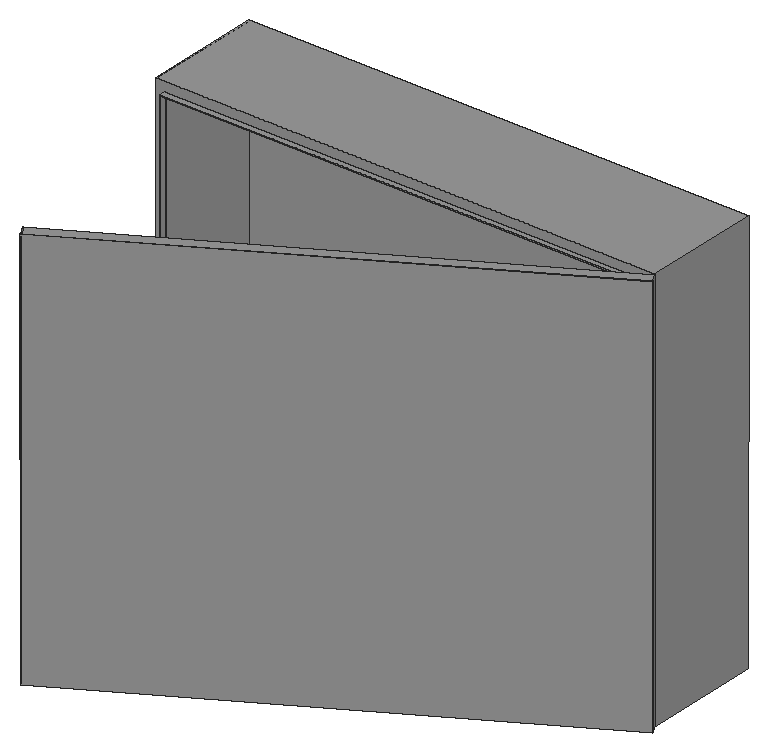
Revit family "Hager-Univers-IP44-D205-H650-Cl.II-Encl-NoHosted-PL-pl", category Electrical Equipment, Revit 2020
Family settings
  Panel Configuration = Two Columns, Circuits Across
  Round Connector Dimension = Use Diameter
  Part Type = Panelboard
  Work Plane-Based = Yes
  Always vertical = Yes
  Cut with Voids When Loaded = No
  Shared = No
  Room Calculation Point = No
Parameters (values of type "Montaż natynkowy IP44 S800 W650 G205  - FP43SN2")
  Width Control [instance] = if([EF000008 - Szerokość] > Min Width, [EF000008 - Szerokość], Min Width)  # 800 mm
  Type Comments = [HG000003 - Zakres]  # "Univers"
  Thickness Door [instance] = if([EF009171 - Drzwi/pokrywa z materiału o wysokiej wytrzymałości mechanicznej] > 3 mm, 3 mm, [EF009171 - Drzwi/pokrywa z materiału o wysokiej wytrzymałości mechanicznej])  # 1 mm
  Seal Frame Offset [instance] = 17 mm  # constant formula
  Plinth Visibility [instance] = [HG000027 - Wysokość cokołu] > 0 mm  # no
  Min Width [instance] = 100 mm  # constant formula
  Min Depth [instance] = (2 * [EF009170 - Obudowa z materiału o wysokiej wytrzymałości mechanicznej]) + 1 mm  # 3 mm
  Min Height [instance] = 100 mm  # constant formula
  Internal Frame Depth [instance] = (Door System Depth * 0.5)  # 9 mm
  Panel Name [instance] = ""  # (empty or 0)
  Model = ""
  HG000027 - Wysokość cokołu = 0 mm
  HG000026 - Stojąca = no
  HG000024 - Wysokość części dolnej = 600 mm
  HG000023 - Obudowa dwusekcyjna = no
  HG000016 - Widoczność drzwi w widoku 3D [instance] = yes
  HG000015 - Przestrzeń robocza - otwarcie drzwi [instance] = no
  HG000014 - Drzwi prawe [instance] = yes
  HG000013 - Drzwi lewe [instance] = not([HG000014 - Drzwi prawe])  # no
  HG000012 - Kąt otwarcia drzwi [instance] = 30.00°
  HG000010 - Drzwi asymetryczne = no
  HG000009 - Drzwi dwuskrzydłowe = no
  HG000006 - Montaż podtynkowy = no
  HG000004 - Referencja producenta = "FP43SN2"
  HG000003 - Zakres = "Univers"
  HG000002 - Z drzwiami lub pokrywą = yes
  Frame Offset Bottom [instance] = 10 mm  # constant formula
  Frame Offset [instance] = 15 mm  # constant formula
  EF015940 - Pokrywa z wyzwalaczem nadciśnieniowym = no
  EF011959 - Stopień ochrony (NEMA) = ""
  EF009554 - Liczba otworów pod flansze = 6
  EF009212 - Wykonanie pokrywy = "EV000116 - Zamknięty"
  EF009171 - Drzwi/pokrywa z materiału o wysokiej wytrzymałości mechanicznej = 1 mm
  EF009170 - Obudowa z materiału o wysokiej wytrzymałości mechanicznej = 1 mm
  EF008873 - Prąd znamionowy (In) = 250 A
  EF007800 - Do ochrony odgromowej = no
  EF006306 - Z zamkiem = no
  EF006244 - Transparentna pokrywa/drzwi = no
  EF005474 - Stopień ochrony (IP) = "EV006418 - IP44"
  EF004464 - Rodzaj drzwi = "EV002646 - Pojedynczy"
  EF004427 - Liczba modułów = 144
  EF004293 - Odporność udarowa = "EV006815 - IK09"
  EF003532 - Do zastosowań zewnętrznych = no
  EF002950 - Szerokość wyrażona liczbą modułów = 36
  EF001613 - Podtrzymanie funkcji = "EV000494 - Brak"
  EF001596 - Materiał obudowy = "EV000179 - Stal"
  EF001131 - Głębokość wewnętrzna = 143 mm
  EF001088 - Możliwość rozbudowy = yes
  EF000437 - Liczba wejść kablowych = 6
  EF000339 - Rodzaj pokrywy = "EV001012 - Pokrywa"
  EF000266 - Liczba rzędów = 4
  EF000218 - Głębokość wbudowania = 205 mm
  EF000118 - Z płytą montażową = no
  EF000116 - Numer RAL = "9010"
  EF000049 - Głębokość = 205 mm
  EF000040 - Wysokość = 650 mm
  EF000008 - Szerokość = 800 mm
  EF000007 - Kolor = "EV000202 - Biały"
  EF000003 - Sposób montażu = "EV000384 - Montaż natynkowy"
  Door System Leaf Tolerance [instance] = 1.5 mm  # constant formula
  Door System Depth [instance] = 18 mm  # constant formula
  Door Height [instance] = Height Control - [HG000027 - Wysokość cokołu]  # 650 mm
  Description = ""
  Default Elevation = 1219.2 mm
  Connector Offset [instance] = Height Control / 2  # 325 mm
  Manufacturer = "Hager"  # constant formula
  Height Control [instance] = if([EF000040 - Wysokość] > Min Height, [EF000040 - Wysokość], Min Height)  # 650 mm
  Depth Control [instance] = if([EF000049 - Głębokość] > Min Depth, [EF000049 - Głębokość], Min Depth)  # 205 mm
  Bottom Top Plate Trim [instance] = 1.5 mm  # constant formula
  Plinth height Ctrl [instance] = if([HG000027 - Wysokość cokołu] > 0 mm, [HG000027 - Wysokość cokołu], 12 mm)  # 12 mm
Types (5, lengths in mm): name | Width Control | HG000010 - Drzwi asymetryczne | HG000009 - Drzwi dwuskrzydłowe | HG000004 - Referencja producenta | EF009554 - Liczba otworów pod flansze | EF004464 - Rodzaj drzwi | EF004427 - Liczba modułów | EF002950 - Szerokość wyrażona liczbą modułów | EF000437 - Liczba wejść kablowych | EF000008 - Szerokość
  Montaż natynkowy IP44 S1050 W650 G205  - FP44SN2 | 1050 | no | yes | "FP44SN2" | 8 | "EV003602 - Podwójny" | 192 | 48 | 8 | 1050
  Montaż natynkowy IP44 S1300 W650 G205  - FP45SN2 | 1300 | yes | yes | "FP45SN2" | 10 | "EV003602 - Podwójny" | 240 | 60 | 10 | 1300
  Montaż natynkowy IP44 S300 W650 G205  - FP41SN2 | 300 | no | no | "FP41SN2" | 2 | "EV002646 - Pojedynczy" | 48 | 12 | 2 | 300
  Montaż natynkowy IP44 S550 W650 G205  - FP42SN2 | 550 | no | no | "FP42SN2" | 4 | "EV002646 - Pojedynczy" | 96 | 24 | 4 | 550
  Montaż natynkowy IP44 S800 W650 G205  - FP43SN2 | 800 | no | no | "FP43SN2" | 6 | "EV002646 - Pojedynczy" | 144 | 36 | 6 | 800
Reference planes
  plane 1 "Center (Front/Back)": y = 0
  plane 2: z = 0
  plane 3 "Center (Left/Right)": x = 0
  plane 4: y = 0
  plane 5: y = 0
  plane 6: z = 0
  plane 7: x = -400
  plane 8: x = 400
  plane 9: x = 399
  plane 10: x = -399
  plane 11: z = 0
  plane 12: z = 1
  plane 13: y = -205
  plane 14: y = -1
  plane 15: x = 0
  plane 16: y = -187
  plane 17: y = -204
  plane 18: y = -186
  plane 19: x = -384
  plane 20: x = 384
  plane 21: z = 11
  plane 22: x = -383
  plane 23: x = 383
  plane 24: z = 0
  plane 25: z = 650
  plane 26: z = 650
  plane 27: z = 634
  plane 28: z = 649
Forms (mm)
  Extrusion 1, solid, material "Hager_Steel_RAL7035_Light_Grey", detail levels medium+fine
    sketch origin (-208.679, -4572, 0) x (-1, 0, 0) y (0, -1, 0)
      loop
        line (191.321, -4385) -> (-608.679, -4385) -> (-608.679, -4572) -> (191.321, -4572) -> (191.321, -4385)
    from 0 to 650
  Extrusion 2, void
    sketch origin (-350.771, -205, 1219.2) x (1, 0, 0) y (0, 0, 1)
      loop
        line (-48.229, -570.2) -> (-48.229, -1218.2) -> (749.771, -1218.2) -> (749.771, -570.2) -> (-48.229, -570.2)
    from -19 to -204
  Extrusion 3, void
    sketch origin (-290.084, -187, 1219.2) x (1, 0, 0) y (0, 0, 1)
      loop
        line (-93.916, -1208.2) -> (674.084, -1208.2) -> (674.084, -585.2) -> (-93.916, -585.2) -> (-93.916, -1208.2)
    from 0 to -1
  Extrusion 4, solid, material "Hager_Steel_RAL7035_Light_Grey", visible <- "Plinth Visibility", detail levels medium+fine
    sketch origin (0, 0, 0) x (1, 0, 0) y (0, 1, 0)
      loop
        line (-400, 0) -> (-400, -187) -> (400, -187) -> (400, 0) -> (-400, 0)
    from 0 to 12 <- "Plinth height Ctrl"
  Extrusion 5, solid, material "Hager_Steel_RAL7035_Light_Grey", detail levels coarse
    sketch origin (0, 0, 0) x (1, 0, 0) y (0, 1, 0)
      loop
        line (-400, 0) -> (-400, -205) -> (400, -205) -> (400, 0) -> (-400, 0)
    from 0 to 650 <- "Height Control"
  Sweep 6, void
    path in 3D
      loop
        line (-400, -187, 12) -> (400, -187, 12) -> (400, 0, 12) -> (-400, 0, 12) -> (-400, -187, 12)
    profile origin (-400, -93.5, 12) x (1, 0, 0) y (0, 0, 1)
      loop
        line (0, 0) -> (0, -1.5) -> (1.5, -1.5)
        arc (1.5, -1.5) -> (1.061, -0.439) -> (0, 0) r 1.5
  Extrusion 7, solid, material "Hager_Steel_RAL7035_Light_Grey", detail levels fine
    sketch origin (-400, -187, 0) x (1, 0, 0) y (0, 0, 1)
      loop
        line (16, 11) -> (784, 11) -> (784, 634) -> (16, 634) -> (16, 11)
      loop
        line (15, 10) -> (785, 10) -> (785, 635) -> (15, 635) -> (15, 10)
    from 0 to 9 <- "Internal Frame Depth"
Cuts and joins
  Extrusion 2, Extrusion 3 cuts Extrusion 1
  Sweep 6 cuts Extrusion 4
Lines and regions (mm)
  Masking region 1
    outline origin (0, 0, 0) x (1, 0, 0) y (0, 1, 0)
      loop
        line (-400, 0) -> (-400, -205) -> (400, -205) -> (400, 0) -> (-400, 0)
  Masking region 2, detail levels coarse
    outline origin (-290.084, -187, 1219.2) x (-1, 0, 0) y (0, 0, 1)
      loop
        line (-690.084, -1219.2) -> (109.916, -1219.2) -> (109.916, -569.2) -> (-690.084, -569.2) -> (-690.084, -1219.2)
  Masking region 3, detail levels coarse
    outline origin (0, 0, 0) x (0, 1, 0) y (0, 0, 1)
      loop
        line (0, 0) -> (0, 650) -> (-205, 650) -> (-205, 0) -> (0, 0)
  Masking region 4, visible <- "Plinth Visibility", detail levels medium+fine
    outline origin (0, 0, 0) x (0, 1, 0) y (0, 0, 1)
      loop
        line (-1.5, 12) -> (-185.5, 12)
        arc (-185.5, 12) -> (-185.939, 10.939) -> (-187, 10.5) r 1.5
        line (-187, 10.5) -> (-187, 0) -> (0, 0) -> (0, 10.5)
        arc (0, 10.5) -> (-1.061, 10.939) -> (-1.5, 12) r 1.5
  Masking region 5, detail levels medium+fine
    outline origin (0, 0, 594.038) x (0, 1, 0) y (0, 0, 1)
      loop
        line (0, -594.038) -> (0, 55.962) -> (-187, 55.962) -> (-187, -594.038) -> (0, -594.038)
  Masking region 6, detail levels medium+fine
    outline origin (-359.7, -187, 1211.883) x (-1, 0, 0) y (0, 0, 1)
      loop
        line (-759.7, -1211.883) -> (40.3, -1211.883) -> (40.3, -561.883) -> (-759.7, -561.883) -> (-759.7, -1211.883)
  Masking region 7, visible <- "Plinth Visibility", detail levels medium+fine
    outline origin (-320.334, -187, 1041.368) x (-1, 0, 0) y (0, 0, 1)
      loop
        line (-720.334, -1041.368) -> (79.666, -1041.368) -> (79.666, -1030.868)
        arc (79.666, -1030.868) -> (78.606, -1030.429) -> (78.166, -1029.368) r 1.5
        line (78.166, -1029.368) -> (-718.834, -1029.368)
        arc (-718.834, -1029.368) -> (-719.273, -1030.429) -> (-720.334, -1030.868) r 1.5
        line (-720.334, -1030.868) -> (-720.334, -1041.368)
  sketch lines
    curve 1: line (-400, 0, 12) -> (-400, -187, 12)
    curve 2: line (-400, -187, 12) -> (400, -187, 12)
    curve 3: line (400, 0, 12) -> (-400, 0, 12)
    curve 4: line (400, -187, 12) -> (400, 0, 12)
Dimensions and locks
  locked: plane 1 "Center (Front/Back)" to plane 5
  "EF009170 - Obudowa z materiału o wysokiej wytrzymałości mechanicznej": plane 7 to plane 10
  "EF009170 - Obudowa z materiału o wysokiej wytrzymałości mechanicznej": plane 8 to plane 9
  equal spacing: plane 7, plane 3 "Center (Left/Right)", plane 8
  "Width Control": plane 7 to plane 8
  "Depth Control": plane 4 to plane 13
  "EF009170 - Obudowa z materiału o wysokiej wytrzymałości mechanicznej": plane 4 to plane 14
  "Height Control": plane 25 to level
  "HG000027 - Wysokość cokołu": plane 11 to level
  "EF009170 - Obudowa z materiału o wysokiej wytrzymałości mechanicznej": plane 12 to plane 11
  "EF009170 - Obudowa z materiału o wysokiej wytrzymałości mechanicznej": plane 17 to plane 13
  "EF009170 - Obudowa z materiału o wysokiej wytrzymałości mechanicznej": plane 18 to plane 16
  "Frame Offset Bottom": plane 21 to plane 12
  "Frame Offset": plane 10 to plane 19
  "Frame Offset": plane 9 to plane 20
  "Door System Depth": plane 16 to plane 13
  "Seal Frame Offset": plane 7 to plane 22
  "Seal Frame Offset": plane 8 to plane 23
  "EF009170 - Obudowa z materiału o wysokiej wytrzymałości mechanicznej": plane 26 to plane 28
  "Frame Offset": plane 28 to plane 27
  "Connector Offset": plane 2 to connector elem
  "Bottom Top Plate Trim": profile plane to Sweep 6 sketch curve
  "Bottom Top Plate Trim": Sweep 6 sketch curve to Sweep 6 sketch curve
  "Plinth height Ctrl": Masking region 4 sketch curve to level
  "Plinth height Ctrl": Masking region 7 sketch curve to level
  "Thickness Door": Extrusion 7 sketch curve to Extrusion 7 sketch curve  (x4)
  "Bottom Top Plate Trim": radius of Sweep 6 sketch curve
  "Bottom Top Plate Trim": radius of Masking region 4 sketch curve  (x2)
  "Bottom Top Plate Trim": radius of Masking region 7 sketch curve  (x2)
  aligned and locked: Extrusion 2 sketch curve to plane 12
  aligned and locked: Extrusion 2 sketch curve to plane 9
  aligned and locked: Extrusion 2 sketch curve to plane 10
  aligned and locked: Extrusion 2 to plane 14
  aligned and locked: Extrusion 1 sketch curve to plane 4
  aligned and locked: plane 8 to Extrusion 1 sketch curve
  aligned and locked: plane 7 to Extrusion 1 sketch curve
  aligned and locked: Extrusion 2 to plane 18
  aligned and locked: Extrusion 3 sketch curve to plane 19
  aligned and locked: plane 20 to Extrusion 3 sketch curve
  aligned and locked: Extrusion 3 to Extrusion 2
  aligned and locked: Extrusion 3 sketch curve to plane 21
  aligned and locked: plane 3 "Center (Left/Right)" to nested 1
  aligned and locked: Extrusion 1 sketch curve to plane 16
  aligned and locked: Extrusion 4 sketch curve to cut or joined group of Extrusion 1, Extrusion 2, Extrusion 3
  aligned and locked: Masking region 1 sketch curve to plane 7
  aligned and locked: Masking region 1 sketch curve to plane 5
  aligned and locked: Masking region 1 sketch curve to plane 8
  aligned and locked: Masking region 2 sketch curve to level
  aligned and locked: level to Masking region 3 sketch curve
  aligned and locked: plane 1 "Center (Front/Back)" to Masking region 3 sketch curve
  aligned and locked: plane 13 to Masking region 3 sketch curve
  aligned and locked: plane 5 to Masking region 4 sketch curve
  aligned and locked: Masking region 2 sketch curve to plane 8
  aligned and locked: Masking region 2 sketch curve to plane 7
  aligned and locked: plane 7 to nested 2
  aligned and locked: nested 2 to plane 5
  aligned and locked: plane 5 to Masking region 5 sketch curve
  aligned and locked: plane 26 to Masking region 5 sketch curve
  aligned and locked: Extrusion 5 sketch curve to plane 8
  aligned and locked: Extrusion 5 sketch curve to plane 7
  aligned and locked: Extrusion 5 sketch curve to plane 5
  aligned and locked: Extrusion 3 sketch curve to plane 27
  aligned and locked: Extrusion 2 sketch curve to plane 28
  aligned and locked: Masking region 2 to plane 25
  aligned and locked: Extrusion 4 to plane 16
  aligned and locked: profile plane to Sweep 6 sketch curve
  aligned and locked: Masking region 5 sketch curve to plane 24
  aligned and locked: level to Masking region 4 sketch curve
  aligned and locked: Masking region 1 to plane 13
  aligned and locked: nested 1 to plane 16
  aligned and locked: Masking region 3 to plane 25
  aligned and locked: plane 16 to Masking region 4 sketch curve
  aligned and locked: Masking region 5 sketch curve to plane 16
  aligned and locked: plane 24 to plane 11
  aligned and locked: plane 26 to plane 25
  aligned and locked: plane 26 to cut or joined group of Extrusion 1, Extrusion 2, Extrusion 3
  aligned and locked: nested 1 to plane 24
  aligned and locked: Extrusion 1 to Extrusion 3
  aligned and locked: Masking region 6 sketch curve to plane 8
  aligned and locked: Masking region 6 sketch curve to plane 24
  aligned and locked: Masking region 6 sketch curve to plane 7
  aligned and locked: Masking region 6 sketch curve to plane 26
  aligned and locked: Masking region 7 sketch curve to plane 7
  aligned and locked: level to Masking region 7 sketch curve
  aligned and locked: Masking region 7 sketch curve to plane 8
  aligned and locked: Extrusion 7 sketch curve to cut or joined group of Extrusion 1, Extrusion 2, Extrusion 3  (x4)
Automatic sketch dimensions
  plane 19 to Extrusion 3 sketch curve = 0 mm
  Extrusion 3 sketch curve to plane 20 = 0 mm
  Extrusion 3 sketch curve to plane 21 = 0 mm
  Extrusion 4 sketch curve to plane 7 = 0 mm
  Extrusion 4 sketch curve to plane 8 = 0 mm
  Extrusion 4 sketch curve to plane 16 = 0 mm
  Masking region 1 sketch curve to plane 13 = 0 mm
  Masking region 2 sketch curve to plane 25 = 0 mm
  Masking region 3 sketch curve to plane 25 = 0 mm
  Extrusion 5 sketch curve to plane 13 = 0 mm
  profile plane to Sweep 6 sketch curve = 0 mm
Nested families
  nested 1: "EC000058_Univers_Door" at (0, -187, 0), Double <- "HG000009 - Drzwi dwuskrzydłowe", Transparent <- "EF006244 - Transparentna pokrywa/drzwi", Angle <- "HG000012 - Kąt otwarcia drzwi", Door_Right <- "HG000014 - Drzwi prawe", Assymetrical <- "HG000010 - Drzwi asymetryczne", Door <- "HG000002 - Z drzwiami lub pokrywą", Width_Ctrl <- "Width Control", 3d_Door <- "HG000016 - Widoczność drzwi w widoku 3D", Clearance <- "HG000015 - Przestrzeń robocza - otwarcie drzwi", Door_Left <- "HG000013 - Drzwi lewe", Width <- "Width Control", Door_Depth <- "Door System Depth", Leaf_Tolerance <- "Door System Leaf Tolerance", Height <- "Door Height", Lock_Visibility <- "EF006306 - Z zamkiem", Thickness <- "Thickness Door", type "EC000058_Univers_Door", detail levels medium+fine
    with min_wh 3 mm, Width_Ctrl 800 mm, Width 800 mm, Transparent no, Thickness 1 mm, Seal_Material Hager_Rubber, Lock_Visibility no, Lock_Material Hager_Plastic_RAL9005_Jet_Black, Leaf_Width 800 mm, Leaf_Tolerance_External_Sides 0 mm, Leaf_Tolerance 1.5 mm, Leaf_Offset 0 mm, Leaf_Height 647 mm, Leaf_2_Width 800 mm, Leaf_2_Offset 400 mm, Leaf_1_Width 800 mm, Leaf_1_Offset 400 mm, Height_Ctrl 650 mm, Height 650 mm, Glass_Material Hager_Glass, Double_Clearance_Ctrl no, Double no, Door_Right_Ctrl yes, Door_Right yes, Door_Material Hager_Steel_RAL7035_Light_Grey, Door_Left_Ctrl no, Door_Left no, Door_Depth 18 mm, Door yes, Clearance_Material Hager_Clearance, Clearance_Depth 800 mm, Clearance_Ctrl no, Clearance no, Assymetrical no, Angle 30.00°, 3d_Door yes
  nested 2: "Hager_Enclosure_Symbol" at (-400, 0, 0), Height <- "Depth Control", Width <- "Width Control", type "Hager_Enclosure_Symbol"
    with Width_Ctrl 800 mm, Width 800 mm, Height_Ctrl 205 mm, Height 205 mm, A_Width_Int 13.453 mm, A_Width 161.438 mm, A_Height_Ctrl 179.375 mm, A_Height 179.375 mm
Connectors
  electrical at (0, 0, 325)
    settings: on plane 1 "Center (Front/Back)", index 1, voltage 0 V, apparent load 0 VA, apparent load phase1 0 VA, apparent load phase2 0 VA, apparent load phase3 0 VA, power factor 1, load classification "Other", number of poles 1, system type 30, power factor state 1, is connector primary yes, connector utility no, sub classification motor no, connector description ""
Definition of nested family "EC000058_Univers_Door"
  Parameters (values of type "EC000058_Univers_Door")
    min_wh [instance] = (2 * Thickness) + 1 mm  # 11 mm
    Width_Ctrl [instance] = 400 mm
    Width [instance] = 500 mm
    Transparent [instance] = yes
    Thickness [instance] = 5 mm
    Seal_Material [instance] = none
    Lock_Visibility [instance] = yes
    Lock_Material [instance] = none
    Leaf_Width [instance] = if((Width_Ctrl - 2 * Leaf_Tolerance_External_Sides) > 0 mm, (Width_Ctrl - 2 * Leaf_Tolerance_External_Sides), min_wh)  # 400 mm
    Leaf_Tolerance_External_Sides [instance] = 0 mm  # constant formula
    Leaf_Tolerance [instance] = 1.5 mm
    Leaf_Offset [instance] = 0 mm  # constant formula
    Leaf_Height [instance] = if((Height_Ctrl - 2 * Leaf_Tolerance) > 0 mm, (Height_Ctrl - 2 * Leaf_Tolerance), min_wh)  # 497 mm
    Leaf_2_Width [instance] = if(and(and(Double, Assymetrical), Door_Left), (Leaf_Width / 3) - (Leaf_Tolerance / 2), if(and(and(Double, Assymetrical), Door_Right), (Leaf_Width / 3) * 2 - (Leaf_Tolerance / 2), if(and(Double, not(Assymetrical)), (Leaf_Width / 2) - Leaf_Tolerance, Leaf_Width)))  # 400 mm
    Leaf_2_Offset [instance] = if(and(Double, Assymetrical), Leaf_2_Width / 2, if(and(Double, not(Assymetrical)), Leaf_Width / 4, Leaf_Width / 2))  # 200 mm
    Leaf_1_Width [instance] = if(and(and(Double, Assymetrical), Door_Right), (Leaf_Width / 3) - (Leaf_Tolerance / 2), if(and(and(Double, Assymetrical), Door_Left), (Width / 3) * 2 - (Leaf_Tolerance / 2), if(and(Double, not(Assymetrical)), (Leaf_Width / 2) - Leaf_Tolerance, Leaf_Width)))  # 400 mm
    Leaf_1_Offset [instance] = if(and(Double, Assymetrical), Leaf_1_Width / 2, if(and(Double, not(Assymetrical)), Leaf_Width / 4, Leaf_Width / 2))  # 200 mm
    Height_Ctrl [instance] = if(Height > min_wh, Height, min_wh)  # 500 mm
    Height [instance] = 500 mm
    Glass_Material [instance] = none
    Double_Clearance_Ctrl [instance] = and(Double, Clearance)  # no
    Double [instance] = no
    Door_Right_Ctrl [instance] = and(or(Door_Right, Double), Door)  # yes
    Door_Right [instance] = yes
    Door_Material [instance] = none
    Door_Left_Ctrl [instance] = and(or(Door_Left, Double), Door)  # no
    Door_Left [instance] = no
    Door_Depth [instance] = 30 mm
    Door [instance] = yes
    Default Elevation = 1219.2 mm
    Clearance_Material [instance] = none
    Clearance_Depth [instance] = if(Leaf_1_Width > Leaf_2_Width, Leaf_1_Width, Leaf_2_Width)  # 400 mm
    Clearance_Ctrl [instance] = and(not(Double), Clearance)  # yes
    Clearance [instance] = yes
    Assymetrical [instance] = yes
    Angle [instance] = 30.00°
    3d_Door [instance] = yes
  Reference planes
    plane 1 "Center (Front/Back)": y = 0
    plane 2 "Bottom": z = 0
    plane 3 "Center (Left/Right)": x = 0
    plane 4: z = 500
    plane 5: x = -200
    plane 6: x = 200
    plane 7: z = 500
    plane 8: x = -200
    plane 9: z = 0
    plane 10: x = 200
    plane 11: y = 0
    plane 12: z = 1.5
    plane 13: x = -600
    plane 14: y = -400
    plane 15: x = 600
    plane 16: x = 0
    plane 17: x = 0
    plane 18: x = -200
    plane 19: x = 200
    plane 20: z = 498.5
  Forms (mm)
    Extrusion 1, solid, material <- "Clearance_Material", visible <- "Double_Clearance_Ctrl"
      sketch origin (1200, 0, 0) x (1, 0, 0) y (0, 0, -1)
        loop
          line (-1800, -498.5) -> (-600, -498.5) -> (-600, 0) -> (-1800, 0) -> (-1800, -498.5)
      from 0 to -400
  Dimensions and locks
    equal spacing: plane 5, plane 3 "Center (Left/Right)", plane 6
    "Width_Ctrl": plane 5 to plane 6
    "Leaf_Offset": plane 5 to plane 8
    "Leaf_Offset": plane 6 to plane 10
    "Leaf_Offset": plane 9 to level
    "Leaf_Offset": plane 4 to plane 7
    "Height_Ctrl": plane 4 to level
    "Leaf_Tolerance": plane 12 to plane 9
    locked: plane 11 to plane 1 "Center (Front/Back)"
    "Leaf_1_Offset": plane 18 to plane 16
    "Leaf_2_Offset": plane 17 to plane 19
    "Leaf_1_Width": plane 13 to plane 8
    "Leaf_2_Width": plane 10 to plane 15
    "Clearance_Depth": plane 14 to plane 1 "Center (Front/Back)"
    "Leaf_Tolerance_External_Sides": plane 8 to plane 18
    "Leaf_Tolerance_External_Sides": plane 19 to plane 10
    "Leaf_Tolerance": plane 7 to plane 20
    aligned and locked: level to plane 2 "Bottom"
    aligned and locked: nested 1 to plane 16
    aligned and locked: nested 2 to plane 17
    aligned and locked: Extrusion 1 to plane 13
    aligned and locked: plane 15 to Extrusion 1
    aligned and locked: Extrusion 1 to plane 14
    aligned and locked: plane 12 to nested 1
    aligned and locked: nested 2 to plane 12
    aligned and locked: Extrusion 1 to plane 11
    aligned and locked: plane 20 to Extrusion 1
    aligned and locked: nested 2 to plane 11
    aligned and locked: nested 1 to plane 11
  Automatic sketch dimensions
    Extrusion 1 sketch curve to level = 0 mm
    plane 5 to Extrusion 1 sketch curve = 400 mm
    plane 6 to Extrusion 1 sketch curve = 400 mm
    Extrusion 1 sketch curve to plane 4 = 1.5 mm
  Nested families
    nested 1: "EC000058_Univers_Door_Leaf" at (0, 0, 1.5), Width <- "Leaf_1_Width", visible <- "Door_Left_Ctrl", Leaf_Height <- "Leaf_Height", Angle <- "Angle", 3d_Door <- "3d_Door", Transparent <- "Transparent", Clearance Material <- "Clearance_Material", Clearance <- "Clearance_Ctrl", Door_Material <- "Door_Material", Glass_Material <- "Glass_Material", Door_Depth <- "Door_Depth", Lock_Material <- "Lock_Material", Seal_Material <- "Seal_Material", Lock_Visibility <- "Lock_Visibility", Thickness <- "Thickness", type "EC000058_Univers_Door_Leaf"
      with Width 400 mm, Transparent_Glass_Offset 30 mm, Transparent_Ctrl yes, Transparent yes, Thickness 5 mm, Standard no, Seal_Material none, Seal_D2 8 mm, Seal_D1 1 mm, Offset_Internal_Frame 10 mm, Lock_Width 20 mm, Lock_Visibility_3d yes, Lock_Visibility yes, Lock_Thickness_3 3 mm, Lock_Thickness_2 1 mm, Lock_Thickness_1 3 mm, Lock_Radius_Offset_2 16 mm, Lock_Radius_Offset_1 15 mm, Lock_Radius_2 5 mm, Lock_Radius 6 mm, Lock_Offset 5 mm, Lock_Material none, Lock_Height 80 mm, Lock_Cover_Top_Offset_2d 17 mm, Lock_Cover_Height -65 mm, Leaf_Height 497 mm, Internal_Seal_Thickness 8 mm, Internal_Seal_Depth_2 4.5 mm, Internal_Frame_Depth 25 mm, Glass_Thickness -1 mm, Glass_Offset -2 mm, Glass_Material none, Door_Material none, Door_Depth 30 mm, Clearance Material none, Clearance yes, Angle_Ctrl 30.00°, Angle 30.00°, 3d_Door yes
    nested 2: "EC000058_Univers_Door_Leaf" at (0, 0, 1.5) x (-1, 0, 0) z (0, 0, 1), Width <- "Leaf_2_Width", visible <- "Door_Right_Ctrl", Leaf_Height <- "Leaf_Height", Angle <- "Angle", 3d_Door <- "3d_Door", Transparent <- "Transparent", Clearance Material <- "Clearance_Material", Clearance <- "Clearance_Ctrl", Door_Material <- "Door_Material", Glass_Material <- "Glass_Material", Door_Depth <- "Door_Depth", Lock_Material <- "Lock_Material", Seal_Material <- "Seal_Material", Lock_Visibility <- "Lock_Visibility", Thickness <- "Thickness", type "EC000058_Univers_Door_Leaf"
      with Width 400 mm, Transparent_Glass_Offset 30 mm, Transparent_Ctrl yes, Transparent yes, Thickness 5 mm, Standard no, Seal_Material none, Seal_D2 8 mm, Seal_D1 1 mm, Offset_Internal_Frame 10 mm, Lock_Width 20 mm, Lock_Visibility_3d yes, Lock_Visibility yes, Lock_Thickness_3 3 mm, Lock_Thickness_2 1 mm, Lock_Thickness_1 3 mm, Lock_Radius_Offset_2 16 mm, Lock_Radius_Offset_1 15 mm, Lock_Radius_2 5 mm, Lock_Radius 6 mm, Lock_Offset 5 mm, Lock_Material none, Lock_Height 80 mm, Lock_Cover_Top_Offset_2d 17 mm, Lock_Cover_Height -65 mm, Leaf_Height 497 mm, Internal_Seal_Thickness 8 mm, Internal_Seal_Depth_2 4.5 mm, Internal_Frame_Depth 25 mm, Glass_Thickness -1 mm, Glass_Offset -2 mm, Glass_Material none, Door_Material none, Door_Depth 30 mm, Clearance Material none, Clearance yes, Angle_Ctrl 30.00°, Angle 30.00°, 3d_Door yes
  Definition of nested family "EC000058_Univers_Door_Leaf"
    Parameters (values of type "EC000058_Univers_Door_Leaf")
      Width [instance] = 2000 mm
      Transparent_Glass_Offset [instance] = 30 mm
      Transparent_Ctrl [instance] = and(Transparent, [3d_Door])  # yes
      Transparent [instance] = yes
      Thickness [instance] = 5 mm
      Standard [instance] = and(not(Transparent), [3d_Door])  # no
      Seal_Material [instance] = none
      Seal_D2 [instance] = 8 mm  # constant formula
      Seal_D1 [instance] = 1 mm  # constant formula
      Offset_Internal_Frame [instance] = 10 mm  # constant formula
      Lock_Width [instance] = 20 mm  # constant formula
      Lock_Visibility_3d [instance] = and(Lock_Visibility, [3d_Door])  # yes
      Lock_Visibility [instance] = yes
      Lock_Thickness_3 [instance] = 3 mm  # constant formula
      Lock_Thickness_2 [instance] = 1 mm  # constant formula
      Lock_Thickness_1 [instance] = 3 mm  # constant formula
      Lock_Radius_Offset_2 [instance] = Lock_Radius_Offset_1 + 1 mm  # 16 mm
      Lock_Radius_Offset_1 [instance] = 15 mm  # constant formula
      Lock_Radius_2 [instance] = Lock_Radius - 1 mm  # 5 mm
      Lock_Radius [instance] = 6 mm  # constant formula
      Lock_Offset [instance] = 5 mm  # constant formula
      Lock_Material [instance] = none
      Lock_Height [instance] = 80 mm  # constant formula
      Lock_Cover_Top_Offset_2d [instance] = Lock_Radius_Offset_2 + 1 mm  # 17 mm
      Lock_Cover_Height [instance] = -(Lock_Height - Lock_Radius_Offset_1)  # -65 mm
      Leaf_Height [instance] = 2720.336 mm
      Internal_Seal_Thickness [instance] = 8 mm  # constant formula
      Internal_Seal_Depth_2 [instance] = 4.5 mm  # constant formula
      Internal_Frame_Depth [instance] = if(Door_Depth - Thickness > 5 mm, Door_Depth - Thickness, 5 mm)  # 25 mm
      Glass_Thickness [instance] = if(Thickness > 15 mm, Glass_Offset + 10 mm, -1 mm)  # -1 mm
      Glass_Offset [instance] = if(Thickness > 15 mm, -(Thickness + 10 mm) / 2, -2 mm)  # -2 mm
      Glass_Material [instance] = none
      Door_Material [instance] = none
      Door_Depth [instance] = 30 mm
      Default Elevation = 0 mm
      Clearance Material [instance] = none
      Clearance [instance] = yes
      Angle_Ctrl [instance] = if(Angle > 180.00°, 180.00°, Angle)  # 90.00°
      Angle [instance] = 90.00°
      3d_Door [instance] = yes
    Reference planes
      plane 1 "Center (Front/Back)": y = 0
      plane 2: z = 0
      plane 3 "Center (Left/Right)": x = 0
      plane 4: y = 2000
      plane 5: x = -1000
      plane 6: x = 1000
      plane 7: x = -3000
      plane 8: z = 2720.336
      plane 9: z = 30
      plane 10: z = 2690.336
      plane 11: x = 970
      plane 12: x = -970
      plane 13: y = -3
      plane 14: z = 107.833
      plane 15: y = -5
      plane 16: y = -223.314
      plane 17: x = -1000
      plane 18: z = 1360.168
      plane 19: y = 30
    Forms (mm)
      Extrusion 1, solid, material <- "Clearance Material", visible <- "Clearance"
        sketch origin (0, 0, 0) x (1, 0, 0) y (0, 0, 1)
          loop
            line (-3000, 2720.336) -> (-3000, 0) -> (1000, 0) -> (1000, 2720.336) -> (-3000, 2720.336)
        from 0 to -2000
      Extrusion 2, solid, material <- "Door_Material", visible <- "Standard", detail levels medium+fine
        sketch origin (-1000, 0, 0) x (0, 1, 0) y (-1, 0, 0)
          loop
            line (0, 30) -> (0, 25) -> (2000, 25) -> (2000, 30) -> (0, 30)
        from 0 to 2720.336 <- "Leaf_Height"
      Extrusion 3, solid, material <- "Door_Material", visible <- "Transparent_Ctrl", detail levels medium+fine
        sketch origin (-1000, 0, 0) x (0, 1, 0) y (-1, 0, 0)
          loop
            line (0, 25) -> (2000, 25) -> (2000, 30) -> (0, 30) -> (0, 25)
        from 0 to 2720.336 <- "Leaf_Height"
      Extrusion 4, void
        sketch origin (-1025, 2000, 0) x (0, 1, 0) y (0, 0, -1)
          loop
            line (-30, -2690.336) -> (-30, -30) -> (-1970, -30) -> (-1970, -2690.336) -> (-30, -2690.336)
        from 0 to 5 <- "Thickness"
      Sweep 5, solid, material <- "Seal_Material", visible <- "Transparent_Ctrl", detail levels fine
        path in 3D
          loop
            line (-1025, 30, 30) -> (-1025, 30, 2690.336) -> (-1025, 1970, 2690.336) -> (-1025, 1970, 30) -> (-1025, 30, 30)
        profile origin (-1025, 1000, 30) x (1, 0, 0) y (0, 0, 1)
          loop
            line (0, 0) -> (0, -8) -> (1, -8) -> (1, 0) -> (0, 0)
      Extrusion 6, solid, material <- "Glass_Material", visible <- "Transparent_Ctrl", detail levels medium+fine
        sketch origin (-1030, 0, 0) x (0, 1, 0) y (0, 0, -1)
          loop
            line (1970, -2690.336) -> (1970, -30) -> (30, -30) -> (30, -2690.336) -> (1970, -2690.336)
        from -2 <- "Glass_Offset" to -1 <- "Glass_Thickness"
      Extrusion 7, solid, material <- "Door_Material", visible <- "3d_Door", detail levels medium+fine
        sketch origin (-1025, 2000, 0) x (0, -1, 0) y (0, 0, -1)
          loop
            line (0, -2720.336) -> (2000, -2720.336) -> (2000, 0) -> (0, 0) -> (0, -2720.336)
          loop
            line (1995, -5) -> (5, -5) -> (5, -2715.336) -> (1995, -2715.336) -> (1995, -5)
        from 0 to 25 <- "Internal_Frame_Depth"
      Sweep 8, solid, material <- "Seal_Material", visible <- "Transparent_Ctrl", detail levels fine
        path in 3D
          loop
            line (-1025, 0, 0) -> (-1025, 2000, 0) -> (-1025, 2000, 2720.336) -> (-1025, 0, 2720.336) -> (-1025, 0, 0)
        profile origin (-1025, 0, 1360.168) x (1, 0, 0) y (0, 1, 0)
          loop
            line (0, 10) -> (2.975, 10)
            arc (2.975, 10) -> (4.053, 10.447) -> (4.5, 11.525) r 1.525
            line (4.5, 11.525) -> (4.5, 16.527)
            arc (4.5, 16.527) -> (4.069, 17.569) -> (3.027, 18) r 1.473
            line (3.027, 18) -> (0, 18) -> (0, 10)
      Extrusion 9, solid, material <- "Lock_Material", visible <- "Lock_Visibility_3d", detail levels fine
        sketch origin (-1030, 0, 0) x (0, 1, 0) y (0, 0, -1)
          loop
            arc (1993.5, -1400.168) -> (1994.561, -1399.729) -> (1995, -1398.668) r 1.5
            line (1995, -1398.668) -> (1995, -1320.168) -> (1975, -1320.168) -> (1975, -1398.668)
            arc (1975, -1398.668) -> (1975.439, -1399.729) -> (1976.5, -1400.168) r 1.5
            line (1976.5, -1400.168) -> (1993.5, -1400.168)
        from 3 <- "Lock_Thickness_1" to 0
      Blend 10, solid, material <- "Lock_Material", visible <- "Lock_Visibility_3d", detail levels fine
        base sketch origin (-1033, 0, 0) x (0, 1, 0) y (0, 0, -1)
          loop
            line (1975, -1320.168) -> (1975, -1398.668)
            arc (1975, -1398.668) -> (1975.439, -1399.729) -> (1976.5, -1400.168) r 1.5
            line (1976.5, -1400.168) -> (1993.5, -1400.168)
            arc (1993.5, -1400.168) -> (1994.561, -1399.729) -> (1995, -1398.668) r 1.5
            line (1995, -1398.668) -> (1995, -1320.168) -> (1975, -1320.168)
        top sketch origin (-1033, 0, 0) x (0, 1, 0) y (0, 0, -1)
          loop
            line (1976, -1320.168) -> (1976, -1398.668)
            arc (1976, -1398.668) -> (1976.146, -1399.022) -> (1976.5, -1399.168) r 0.5
            line (1976.5, -1399.168) -> (1993.5, -1399.168)
            arc (1993.5, -1399.168) -> (1993.854, -1399.022) -> (1994, -1398.668) r 0.5
            line (1994, -1398.668) -> (1994, -1320.168) -> (1976, -1320.168)
        from 0 to 1 <- "Lock_Thickness_2"
      Blend 11, solid, material <- "Lock_Material", visible <- "Lock_Visibility_3d", detail levels fine
        base sketch origin (-1034, 0, 0) x (0, 1, 0) y (0, 0, -1)
          loop
            line (1978, -1320.168) -> (1978, -1384.168)
            arc (1978, -1384.168) -> (1985, -1391.168) -> (1992, -1384.168) r 7
            line (1992, -1384.168) -> (1992, -1320.168) -> (1978, -1320.168)
        top sketch origin (-1034, 0, 0) x (0, 1, 0) y (0, 0, -1)
          loop
            line (1991, -1320.168) -> (1979, -1320.168) -> (1979, -1383.168)
            arc (1979, -1383.168) -> (1985, -1389.168) -> (1991, -1383.168) r 6
            line (1991, -1383.168) -> (1991, -1320.168)
        from 0 to 3 <- "Lock_Thickness_3"
      Extrusion 12, solid, material <- "Lock_Material", visible <- "Lock_Visibility_3d", detail levels fine
        sketch origin (-1030, 1975, 1320.168) x (1, 0, 0) y (0, -1, 0)
          loop
            line (-7, -19) -> (-7, -1) -> (0, -1) -> (0, 0) -> (-8, 0) -> (-8, -20) -> (0, -20) -> (0, -19) -> (-7, -19)
        from 0 to -65 <- "Lock_Cover_Height"
      Extrusion 13, void
        sketch origin (-1038, 1995, 1320.168) x (-1, 0, 0) y (0, 0, -1)
          loop
            line (-5, -65) -> (0, -65) -> (-5, -60) -> (-5, -65)
        from 0 to 20 <- "Lock_Width"
      Extrusion 14, void
        sketch origin (-1038, 1975, 1320.168) x (0, -1, 0) y (0, 0, -1)
          loop
            circle (-10, -15.995) r 6
          loop
            circle (-10, -15.995) r 5
        from 0 to 2
      Extrusion 15, solid, material <- "Lock_Material", visible <- "Lock_Visibility_3d", detail levels medium
        sketch origin (-1030, 0, 0) x (0, 1, 0) y (0, 0, -1)
          loop
            arc (1993.5, -1400.168) -> (1994.561, -1399.729) -> (1995, -1398.668) r 1.5
            line (1995, -1398.668) -> (1995, -1320.168) -> (1975, -1320.168) -> (1975, -1398.668)
            arc (1975, -1398.668) -> (1975.439, -1399.729) -> (1976.5, -1400.168) r 1.5
            line (1976.5, -1400.168) -> (1993.5, -1400.168)
        from 8 to 0
    Cuts and joins
      Extrusion 4 cuts Extrusion 3
      Extrusion 13, Extrusion 14 cuts Extrusion 9
      Extrusion 14 cuts Blend 11
      Extrusion 13, Extrusion 14 cuts Extrusion 12
      joined: Extrusion 9, Blend 10, Blend 11, Extrusion 12
      Extrusion 14 cuts Extrusion 15
    Lines and regions (mm)
      Masking region 1, visible <- "Lock_Visibility", detail levels fine
        outline origin (0, 0, 0) x (0, 1, 0) y (0, 0, 1)
          loop
            line (30, 1320.168) -> (33, 1320.168) -> (33, 1400.168) -> (30, 1400.168) -> (30, 1320.168)
      Masking region 2, visible <- "Lock_Visibility", detail levels fine
        outline origin (0, 3.143, 0) x (0, 1, 0) y (0, 0, 1)
          loop
            line (29.857, 1354.168) -> (30.857, 1354.168) -> (30.857, 1366.168) -> (29.857, 1366.168) -> (29.857, 1354.168)
      Masking region 3, detail levels medium+fine
        outline origin (0, 0, 0) x (0, 1, 0) y (0, 0, 1)
          loop
            line (0, 0) -> (30, 0) -> (30, 2720.336) -> (0, 2720.336) -> (0, 0)
      Masking region 4, detail levels medium+fine
        outline origin (0, 0, 0) x (1, 0, 0) y (0, 0, 1)
          loop
            line (-1000, 2720.336) -> (-1000, 0) -> (1000, 0) -> (1000, 2720.336) -> (-1000, 2720.336)
      Masking region 5, visible <- "Lock_Visibility", detail levels fine
        outline origin (-47.116, 0, 0) x (1, 0, 0) y (0, 0, 1)
          loop
            arc (1024.616, 1399.168) -> (1023.556, 1398.729) -> (1023.116, 1397.668) r 1.5
            line (1023.116, 1397.668) -> (1023.116, 1320.168) -> (1041.116, 1320.168) -> (1041.116, 1397.668)
            arc (1041.116, 1397.668) -> (1040.677, 1398.729) -> (1039.616, 1399.168) r 1.5
            line (1039.616, 1399.168) -> (1024.616, 1399.168)
      Masking region 6, visible <- "Lock_Visibility", detail levels medium+fine
        outline origin (-25, 0, 0) x (1, 0, 0) y (0, 0, 1)
          loop
            arc (1001.5, 1400.168) -> (1000.439, 1399.729) -> (1000, 1398.668) r 1.5
            line (1000, 1398.668) -> (1000, 1320.168) -> (1020, 1320.168) -> (1020, 1398.668)
            arc (1020, 1398.668) -> (1019.561, 1399.729) -> (1018.5, 1400.168) r 1.5
            line (1018.5, 1400.168) -> (1001.5, 1400.168)
      Masking region 7, visible <- "Lock_Visibility", detail levels fine
        outline origin (-73.735, 0, 0) x (1, 0, 0) y (0, 0, 1)
          loop
            line (1051.735, 1382.168) -> (1065.735, 1382.168) -> (1065.735, 1384.168)
            arc (1065.735, 1384.168) -> (1058.735, 1391.168) -> (1051.735, 1384.168) r 7
            line (1051.735, 1384.168) -> (1051.735, 1382.168)
      Masking region 8, visible <- "Lock_Visibility", detail levels fine
        outline origin (-73.735, 0, 0) x (1, 0, 0) y (0, 0, 1)
          loop
            line (1052.735, 1382.168) -> (1064.735, 1382.168) -> (1064.735, 1383.168)
            arc (1064.735, 1383.168) -> (1058.735, 1389.168) -> (1052.735, 1383.168) r 6
            line (1052.735, 1383.168) -> (1052.735, 1382.168)
      Masking region 9, visible <- "Lock_Visibility", detail levels fine
        outline origin (-25, 0, 0) x (1, 0, 0) y (0, 0, 1)
          loop
            line (1020, 1320.168) -> (1020, 1382.168) -> (1000, 1382.168) -> (1000, 1320.168) -> (1020, 1320.168)
      Masking region 10, detail levels medium+fine
        outline origin (0, 0, 0) x (1, 0, 0) y (0, 0, 1)
          loop
            circle (985, 1335.144) r 6
      Masking region 11, detail levels fine
        outline origin (0, 0, 0) x (1, 0, 0) y (0, 0, 1)
          loop
            circle (985, 1335.144) r 5
      Masking region 12, visible <- "Lock_Visibility", detail levels fine
        outline origin (0, 12.767, 0) x (0, 1, 0) y (0, 0, 1)
          loop
            line (20.233, 1320.168) -> (21.233, 1320.168) -> (21.233, 1399.168) -> (20.233, 1400.168) -> (20.233, 1320.168)
      Masking region 13, visible <- "Lock_Visibility", detail levels fine
        outline origin (0, 13.767, -10) x (0, 1, 0) y (0, 0, 1)
          loop
            line (20.233, 1330.168) -> (23.233, 1330.168) -> (23.233, 1399.168) -> (20.233, 1402.168) -> (20.233, 1330.168)
      Masking region 14, visible <- "Lock_Visibility", detail levels fine
        outline origin (0, 12.767, -10) x (0, 1, 0) y (0, 0, 1)
          loop
            line (20.233, 1330.168) -> (25.233, 1330.168) -> (25.233, 1399.305) -> (20.233, 1394.305) -> (20.233, 1330.168)
      Masking region 15, visible <- "Lock_Visibility", detail levels medium
        outline origin (0, 0, 0) x (0, 1, 0) y (0, 0, 1)
          loop
            line (30, 1320.168) -> (38, 1320.168) -> (38, 1400.168) -> (30, 1400.168) -> (30, 1320.168)
      Masking region 16, visible <- "Lock_Visibility", detail levels fine
        outline origin (-1000, 0, 0) x (0, 1, 0) y (-1, 0, 0)
          loop
            line (1975, 30) -> (1995, 30) -> (1995, 38) -> (1975, 38) -> (1975, 30)
          loop
            line (1979, 37) -> (1976, 37) -> (1976, 34) -> (1978, 34) -> (1979, 37)
          loop
            line (1994, 37) -> (1991, 37) -> (1992, 34) -> (1994, 34) -> (1994, 37)
      Masking region 17, visible <- "Lock_Visibility", detail levels medium
        outline origin (-1000, 0, 0) x (0, 1, 0) y (-1, 0, 0)
          loop
            line (1975, 30) -> (1995, 30) -> (1995, 38) -> (1975, 38) -> (1975, 30)
      symbolic lines
        curve 1: line (1000, 0, 0) -> (-3000, 0, 0)
        curve 2: arc (1000, 0, 0) -> (-1000, 2000, 0) -> (-3000, 0, 0) r 2000
        curve 4: line (-1030, 0, 0) -> (-1030, 2000, 0)
      reference lines
        curve 3: line (-1000, 0, 0) -> (-1000, 2000, 0)
      symbolic lines, detail levels medium+fine
        curve 5: line (-1030, 2000, 0) -> (-1025, 2000, 0)
        curve 7: line (-1025, 0, 0) -> (-1030, 0, 0)
        curve 8: line (-1025, 0, 0) -> (-1000, 0, 0)
        curve 9: line (-1000, 0, 0) -> (-1000, 2000, 0)
        curve 10: line (-1000, 2000, 0) -> (-1025, 2000, 0)
      symbolic lines, detail levels fine
        curve 6: line (-1025, 2000, 0) -> (-1025, 0, 0)
      sketch lines
        curve 11: line (-1025, 0, 2720.336) -> (-1025, 0, 0)
        curve 12: line (-1025, 2000, 0) -> (-1025, 0, 0)
        curve 13: line (-1025, 2000, 2720.336) -> (-1025, 2000, 0)
        curve 14: line (-1025, 0, 2720.336) -> (-1025, 2000, 2720.336)
        curve 15: line (-1025, 1970, 30) -> (-1025, 30, 30)
        curve 16: line (-1025, 30, 30) -> (-1025, 30, 2690.336)
        curve 17: line (-1025, 1970, 2690.336) -> (-1025, 1970, 30)
        curve 18: line (-1025, 30, 2690.336) -> (-1025, 1970, 2690.336)
      symbolic lines, visible <- "Transparent", detail levels medium+fine
        curve 19: line (-970, 0, 2690.336) -> (970, 0, 2690.336)
        curve 20: line (-970, 0, 30) -> (-970, 0, 2690.336)
        curve 21: line (970, 0, 30) -> (-970, 0, 30)
        curve 22: line (970, 0, 2690.336) -> (970, 0, 30)
    Dimensions and locks
      "Width": plane 1 "Center (Front/Back)" to plane 4
      equal spacing: plane 5, plane 3 "Center (Left/Right)", plane 6
      "Width": plane 5 to plane 6
      "Width": plane 7 to plane 5
      "Leaf_Height": plane 8 to level
      "Width": curve 5 to curve 3
      "Width": curve 3 to curve 3
      plane 8 to plane 10 = 30 mm
      plane 9 to level = 30 mm
      plane 12 to plane 5 = 30 mm
      plane 6 to plane 11 = 30 mm
      Extrusion 1 to Extrusion 4 sketch curve = 30 mm
      "Transparent_Glass_Offset": curve 3 to Extrusion 4 sketch curve
      "Transparent_Glass_Offset": Extrusion 4 sketch curve to cut or joined group of Extrusion 3, Extrusion 4  (x2)
      cut or joined group of Extrusion 3, Extrusion 4 to Extrusion 6 sketch curve = 30 mm
      "Transparent_Glass_Offset": cut or joined group of Extrusion 3, Extrusion 4 to Extrusion 4 sketch curve
      "Thickness": curve 6 to curve 4
      "Thickness": Extrusion 7 sketch curve to Extrusion 7 sketch curve  (x4)
      "Door_Depth": curve 4 to curve 3
      "Offset_Internal_Frame": profile plane to Sweep 8 sketch curve
      "Internal_Seal_Thickness": Sweep 8 sketch curve to Sweep 8 sketch curve
      "Internal_Seal_Depth_2": profile plane to Sweep 8 sketch curve
      "Seal_D1": profile plane to Sweep 5 sketch curve
      "Seal_D2": profile plane to Sweep 5 sketch curve
      "Thickness": Extrusion 2 sketch curve to Extrusion 2 sketch curve
      equal spacing: Extrusion 9 sketch curve, plane 18, Extrusion 9 sketch curve  (x2)
      equal spacing: Masking region 1 sketch curve, plane 18, Masking region 1 sketch curve
      "Lock_Height": Masking region 1 sketch curve to Masking region 1 sketch curve
      "Lock_Radius": Masking region 2 sketch curve to plane 18 to Masking region 2 sketch curve
      Masking region 2 sketch curve to Masking region 1 = 1 mm
      "Door_Depth": plane 19 to plane 1 "Center (Front/Back)"
      "Lock_Thickness_1": Masking region 1 sketch curve to plane 19
      "Lock_Width": Extrusion 9 sketch curve to Extrusion 9 sketch curve
      "Lock_Height": Extrusion 9 sketch curve to Extrusion 9 sketch curve
      "Lock_Offset": cut or joined group of Extrusion 3, Extrusion 4 to Extrusion 9 sketch curve
      equal spacing: plane 8, plane 18, level
      "Lock_Radius_Offset_1": Blend 11 sketch curve to Blend 10
      locked: Blend 10 to Blend 11 sketch curve at 2  (x2)
      locked: var sketch to Blend 11 sketch curve at 1  (x2)
      "Lock_Radius_Offset_2": Blend 11 sketch curve to Blend 10
      locked: Extrusion 12 sketch curve to Extrusion 12 sketch curve at 1  (x3)
      Masking region 6 sketch curve to Masking region 6 sketch curve = 80 mm
      "Lock_Height": Masking region 6 sketch curve to Masking region 6 sketch curve
      "Lock_Width": Masking region 6 sketch curve to Masking region 6 sketch curve
      locked: Masking region 6 to Masking region 5 sketch curve at 1  (x3)
      locked: Masking region 5 to Masking region 7 sketch curve at 2  (x2)
      "Lock_Radius_Offset_1": Masking region 5 to Masking region 7 sketch curve
      "Lock_Radius_Offset_2": Masking region 5 to Masking region 8 sketch curve
      locked: Masking region 7 to Masking region 8 sketch curve at 1  (x2)
      "Lock_Cover_Top_Offset_2d": Masking region 5 to Masking region 9 sketch curve
      equal spacing: Masking region 9, Masking region 10 sketch curve, Masking region 9
      equal spacing: Masking region 9, Masking region 11 sketch curve, Masking region 9
      Extrusion 15 sketch curve to Extrusion 15 sketch curve = 80 mm
      "Lock_Width": Extrusion 15 sketch curve to Extrusion 15 sketch curve
      "Lock_Height": Extrusion 15 sketch curve to Extrusion 15 sketch curve
      equal spacing: Extrusion 15 sketch curve, plane 18, Extrusion 15 sketch curve
      "Lock_Thickness_3": Masking region 13 sketch curve to Masking region 13 sketch curve
      "Lock_Height": Masking region 12 sketch curve to Masking region 12 sketch curve
      locked: Masking region 13 sketch curve to Masking region 1 at 8
      locked: Masking region 14 sketch curve to Masking region 13 at 1
      locked: Masking region 14 sketch curve to Masking region 1 at 10.863
      "Lock_Height": Masking region 15 sketch curve to Masking region 15 sketch curve
      "Lock_Offset": Extrusion 15 sketch curve to cut or joined group of Extrusion 3, Extrusion 4
      "Lock_Offset": plane 6 to Masking region 6 sketch curve
      radius of Sweep 8 sketch curve = 1.525 mm
      radius of Sweep 8 sketch curve = 1.473 mm
      radius of Extrusion 9 sketch curve = 1.5 mm  (x2)
      "Lock_Radius": radius of Extrusion 14 sketch curve
      "Lock_Radius_2": radius of Extrusion 14 sketch curve
      "Lock_Radius": radius of Masking region 10 sketch curve
      "Lock_Radius_2": radius of Masking region 11 sketch curve
      radius of Extrusion 15 sketch curve = 1.5 mm  (x2)
      "Angle_Ctrl": angle plane 1 "Center (Front/Back)" to curve 3
      locked: Masking region 12 sketch curve to Masking region 12 sketch curve (angle 45.00°)
      locked: Masking region 13 sketch curve to Masking region 13 sketch curve (angle 45.00°)
      locked: Masking region 14 sketch curve to Masking region 14 sketch curve (angle 45.00°)
      aligned and locked: level to plane 2
      aligned and locked: Extrusion 1 to curve 1
      aligned and locked: plane 6 to Extrusion 1
      aligned and locked: Extrusion 1 to plane 1 "Center (Front/Back)"
      aligned and locked: plane 4 to Extrusion 1
      aligned and locked: plane 8 to Extrusion 1
      aligned and locked: curve 7 to Extrusion 2 sketch curve
      aligned and locked: curve 5 to Extrusion 2 sketch curve
      aligned and locked: curve 7 to Extrusion 3 sketch curve
      aligned and locked: Extrusion 3 sketch curve to curve 4
      aligned and locked: Extrusion 3 sketch curve to curve 6
      aligned and locked: Extrusion 3 sketch curve to curve 5
      aligned and locked: curve 9 to curve 3
      aligned and locked: Extrusion 7 sketch curve to cut or joined group of Extrusion 3, Extrusion 4  (x4)
      aligned and locked: plane 17 to curve 3
      aligned and locked: plane 1 "Center (Front/Back)" to curve 3
      aligned and locked: plane 17 to plane 5
      aligned and locked: Sweep 8 sketch curve to profile plane
      aligned and locked: Sweep 5 sketch curve to profile plane  (x2)
      aligned and locked: Masking region 1 to Masking region 2 sketch curve
      aligned and locked: plane 19 to Masking region 1 sketch curve
      aligned and locked: plane 1 "Center (Front/Back)" to Masking region 3 sketch curve
      aligned and locked: plane 19 to Masking region 3 sketch curve
      aligned and locked: level to Masking region 3 sketch curve
      aligned and locked: Masking region 3 sketch curve to plane 8
      aligned and locked: plane 17 to Masking region 4 sketch curve
      aligned and locked: level to Masking region 4 sketch curve
      aligned and locked: Masking region 4 sketch curve to plane 8
      aligned and locked: plane 12 to curve 20
      aligned and locked: plane 10 to curve 19
      aligned and locked: plane 11 to curve 22
      aligned and locked: curve 21 to plane 9
      aligned and locked: Extrusion 2 sketch curve to cut or joined group of Extrusion 3, Extrusion 4
      aligned and locked: Blend 10 sketch curve to Extrusion 9  (x4)
      aligned and locked: Extrusion 9 to Blend 10 sketch curve
      aligned and locked: Blend 10 to Blend 11 sketch curve
      aligned and locked: Extrusion 12 sketch curve to Blend 11
      aligned and locked: Extrusion 12 sketch curve to Extrusion 9  (x4)
      aligned and locked: Masking region 5 sketch curve to Masking region 6
      aligned and locked: Masking region 9 sketch curve to Masking region 6  (x3)
      aligned and locked: Masking region 12 sketch curve to Masking region 1
      aligned and locked: Masking region 13 sketch curve to Masking region 1
      aligned and locked: Masking region 12 to Masking region 14
      aligned and locked: Masking region 14 sketch curve to Masking region 1
      aligned and locked: Masking region 15 sketch curve to Masking region 14
      aligned and locked: Masking region 13 sketch curve to Masking region 12
      aligned and locked: Masking region 16 sketch curve to cut or joined group of Extrusion 14, Extrusion 15  (x4)
      aligned and locked: Masking region 16 sketch curve to cut or joined group of Extrusion 9, Blend 10, Blend 11, Extrusion 12, Extrusion 13, Extrusion 14  (x6)
      aligned and locked: cut or joined group of Extrusion 9, Blend 10, Blend 11, Extrusion 12, Extrusion 13, Extrusion 14 to Masking region 16 sketch curve
      aligned and locked: Masking region 17 sketch curve to cut or joined group of Extrusion 14, Extrusion 15  (x3)
      aligned and locked: Masking region 17 sketch curve to cut or joined group of Extrusion 9, Blend 10, Blend 11, Extrusion 12, Extrusion 13, Extrusion 14
      aligned and locked: Masking region 9 to Masking region 8 sketch curve
      aligned and locked: Masking region 9 to Masking region 7 sketch curve
    Automatic sketch dimensions
      plane 1 "Center (Front/Back)" to curve 2 = 0 mm
      curve 2 to plane 5 = 0 mm
      Extrusion 1 sketch curve to level = 0 mm
      Extrusion 1 sketch curve to plane 7 = 0 mm
      Extrusion 1 sketch curve to plane 6 = 0 mm
      Extrusion 1 sketch curve to plane 8 = 0 mm
      Extrusion 3 to Extrusion 6 sketch curve = 30 mm  (x4)
      Masking region 4 sketch curve to plane 6 = 0 mm
      Blend 10 sketch curve to Extrusion 9 = 1.5 mm
      Blend 10 sketch curve to Extrusion 9 = 1 mm
      Extrusion 13 sketch curve to Extrusion 12 = 0 mm  (x2)
      Extrusion 12 to Extrusion 13 sketch curve = 3 mm
      Extrusion 13 sketch curve to Extrusion 12 = 5 mm
      Extrusion 14 sketch curve to Extrusion 14 sketch curve = 0 mm  (x2)
      Extrusion 14 sketch curve to Extrusion 12 = 10 mm
      Extrusion 14 sketch curve to Extrusion 12 = 15.995 mm
      Masking region 5 sketch curve to Masking region 5 sketch curve = 1.5 mm  (x2)
      Masking region 10 sketch curve to plane 18 = 25.024 mm
      Masking region 11 sketch curve to plane 18 = 25.024 mm
      plane 19 to Masking region 14 sketch curve = 3 mm
      Masking region 16 sketch curve to Masking region 16 sketch curve = 3 mm
      curve 4 to curve 3 = 0 mm
      Blend 10 to Blend 11 sketch curve = 0 mm
      Masking region 6 sketch curve to Masking region 6 sketch curve = 1.5 mm  (x2)
      Masking region 6 sketch curve to plane 18 = 40 mm
      plane 19 to Masking region 12 sketch curve = 3 mm
      Masking region 12 sketch curve to Masking region 12 sketch curve = 1 mm
      Masking region 15 sketch curve to plane 19 = 0 mm
      Masking region 15 sketch curve to plane 18 = 40 mm
      radius of Blend 10 sketch curve to Extrusion 9 = 1 mm
Definition of nested family "Hager_Enclosure_Symbol"
  Parameters (values of type "Hager_Enclosure_Symbol")
    Width_Ctrl [instance] = if(Width > 1 mm, Width, 1 mm)  # 102.27 mm
    Width [instance] = 102.27 mm
    Height_Ctrl [instance] = if(Height > 1 mm, Height, 1 mm)  # 66.5 mm
    A_Width_Int [instance] = if(A_Width / 12 > 2 mm, A_Width / 12, 2 mm)  # 4.364 mm
    A_Width [instance] = if(A_Height_Ctrl * 0.9 > 2 mm, A_Height_Ctrl * 0.9, 2 mm)  # 52.369 mm
    A_Height_Ctrl [instance] = if(A_Height > 2 mm, A_Height, 2 mm)  # 58.188 mm
    Height [instance] = 66.5 mm
    A_Height [instance] = Height - (Height / 8)  # 58.188 mm
  Reference planes
    plane 1 "Centre (avant/arrière)": y = 0
    plane 2: z = 0
    plane 3 "Centre (gauche/droite)": x = 0
    plane 4: x = 52.369
    plane 5: y = 33.042
    plane 6: y = 41.77
    plane 7: y = 66.5
    plane 8: x = 26.184
    plane 9: y = 37.406
    plane 10: x = 102.27
    plane 11: y = 66.5
    plane 12: y = 8.313
  Lines and regions (mm)
    Filled region 1, type "Solid_Black", in view "Niveau de réf."
      outline origin (0, 0, 0) x (1, 0, 0) y (0, 1, 0)
        loop
          line (52.369, 66.5) -> (33.188, 54.536) -> (45.365, 45.006) -> (52.369, 66.5)
    Filled region 2, type "Solid_Black", in view "Niveau de réf."
      outline origin (0, 0, 0) x (1, 0, 0) y (0, 1, 0)
        loop
          line (0, 0) -> (102.27, 0) -> (102.27, 66.5) -> (0, 0)
    detail lines, in view "Niveau de réf."
      curve 1: line (0, 8.313, 0) -> (26.184, 41.77, 0)
      curve 2: line (26.184, 41.77, 0) -> (26.184, 33.042, 0)
      curve 3: line (26.184, 33.042, 0) -> (52.369, 66.5, 0)
  Dimensions and locks
    "A_Width": plane 3 "Centre (gauche/droite)" to plane 4
    equal spacing: plane 3 "Centre (gauche/droite)", plane 8, plane 4
    equal spacing: plane 6, plane 9, plane 5
    equal spacing: curve 3, Filled region 1 sketch curve, Filled region 1 sketch curve
    "Height_Ctrl": plane 1 "Centre (avant/arrière)" to plane 11
    "A_Height_Ctrl": plane 11 to plane 12
    equal spacing: plane 11, plane 9, plane 12
    "A_Width_Int": plane 6 to plane 9
    "Width_Ctrl": plane 3 "Centre (gauche/droite)" to plane 10
    angle Filled region 1 sketch curve to curve 3 = 20.00°
    angle curve 3 to Filled region 1 sketch curve = 20.00°
    locked: curve 3 to Filled region 1 sketch curve (angle 90.00°)
    aligned and locked: plane 10 to Filled region 2
    aligned and locked: plane 11 to Filled region 2 sketch curve
    aligned and locked: plane 10 to Filled region 2 sketch curve
    aligned and locked: plane 3 "Centre (gauche/droite)" to curve 1
    aligned and locked: plane 12 to curve 1
    aligned and locked: plane 7 to plane 11
  Automatic sketch dimensions
    Filled region 1 sketch curve to plane 4 = 0 mm
    Filled region 1 sketch curve to plane 7 = 0 mm
    plane 1 "Centre (avant/arrière)" to Filled region 2 sketch curve = 0 mm
    Filled region 2 sketch curve to plane 3 "Centre (gauche/droite)" = 0 mm
    curve 2 to plane 6 = 0 mm
    curve 2 to plane 8 = 0 mm
    curve 3 to plane 4 = 0 mm
    curve 2 to plane 5 = 0 mm
    curve 3 to plane 7 = 0 mm
